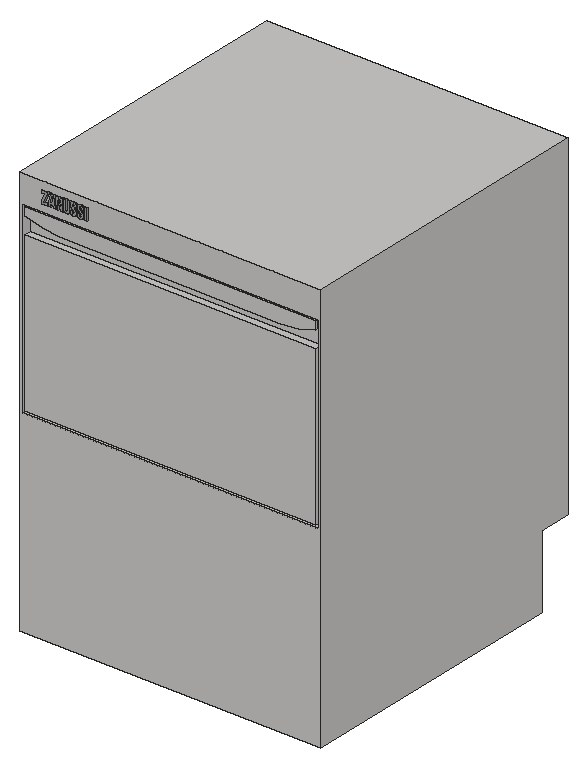
Revit family "QF_ZANUSSI_502731_ZLAI3WG", category Specialty Equipment, Revit 2018
Family settings
  Round Connector Dimension = Use Diameter
  Part Type = Normal
  Work Plane-Based = No
  Always vertical = Yes
  Cut with Voids When Loaded = No
  Shared = No
  Room Calculation Point = No
Parameters (values of type "Standard")
  Weight = 71.00 kg
  Watts = 0 W
  Volts = 400 V
  URL Manufacturer = "http://www.zanussiprofessional.com"
  URL = "http://www.zanussiprofessional.com"
  Steam Supply Size = 0 mm
  Steam Supply Minimum Pressure = 0.0 Pa
  Steam Supply Maximum Pressure = 0.0 Pa
  Steam Pounds per Hour = 0
  Show Logo [instance] = yes
  Show Clearance [instance] = yes
  Refrigeration Suction Line Size = 0 mm
  Refrigeration Liquid Line Size = 0 mm
  Refrigerant Compressor Remote = yes
  Manufacturer = "Zanussi"
  Phase = 3
  Model = "ZLAI3WG"
  Length Actual = 600 mm  # constant formula
  Item Number = "502731"
  Hot Water Size = 19.05 mm
  Height Actual = 820 mm  # constant formula
  HP = "7.2 HP"
  Gas Size = 0 mm
  Gas KW = 0
  Gas Input Pressure = 0 W
  Direct Waste Size = 20.5 mm
  Description = "UNDERCOUNTER(L), ACTIVE, DOUBLE SKIN, 3PH, WS, DP, DD, 720D/H"
  Depth Actual = 615 mm  # constant formula
  Cycle = 50 Hz
  Condensate Return Size = 0 mm
  Compressed Air Volume = 0.0 L/s
  Compressed Air Size = 0 mm
  Compressed Air Pressure = 0.0 Pa
  Cold Water Size = 0 mm
  Accessory = yes
Reference planes
  plane 1 "Center (Front/Back)": y = 0
  plane 2: z = 0
  plane 3 "Center (Left/Right)": x = 0
  plane 4 "LEFT": x = -300
  plane 5 "RIGHT": x = 300
  plane 6 "FRONT": y = -307.5
  plane 7 "BACK": y = 307.5
  plane 8: x = -202.5
  plane 9: x = 202.5
  plane 10: z = 830
  plane 11: z = 10
  plane 12: y = -679.5
Forms (mm)
  Extrusion 1, solid, material "QF_Finishes_Stainless Steel"
    sketch origin (0, 0, 0) x (1, 0, 0) y (0, 1, 0)
      loop
        line (-300, -307.5) -> (300, -307.5) -> (300, 243.5) -> (-300, 243.5) -> (-300, -307.5)
    from 10 to 830
  Extrusion 2, solid, material "QF_Finishes_Stainless Steel"
    sketch origin (0, 0, 0) x (1, 0, 0) y (0, 1, 0)
      loop
        line (-300, 243.5) -> (300, 243.5) -> (300, 307.5) -> (-300, 307.5) -> (-300, 243.5)
    from 157.434 to 830
  Extrusion 3, void
    sketch origin (-300, -307.5, 0) x (-1, 0, 0) y (0, 0, 1)
      loop
        line (-5, 773.217) -> (-595, 773.217) -> (-595, 401.217) -> (-5, 401.217) -> (-5, 773.217)
    from 0 to 30
  Extrusion 4, solid, material "QF_Finishes_Stainless Steel"
    sketch origin (-274, -392, 733) x (0, 0, -1) y (1, 0, 0)
      loop
        circle (693, 143) r 10
    from -635.5 to -699.5
  Extrusion 5, solid, material "QF_Door-Drawer Clearances", visible <- "Show Clearance", detail levels coarse
    sketch origin (-230, -282.5, -30) x (0, 1, 0) y (0, 0, -1)
      loop
        line (-25, -431.217) -> (-397, -431.217)
        arc (-397, -431.217) -> (-288.044, -694.261) -> (-25, -803.217) r 372
        line (-25, -803.217) -> (-25, -431.217)
    from 59.655 to -520
  Extrusion 6, solid, material "QF_Finishes_Stainless Steel"
    sketch origin (-331.481, -392, 703) x (0, 0, -1) y (1, 0, 0)
      loop
        circle (663, 252.481) r 8
    from -635.5 to -699.5
  Extrusion 7, solid, material "QF_Finishes_Stainless Steel"
    sketch origin (-230, -282.5, 0) x (0, 1, 0) y (0, 0, -1)
      loop
        line (-25, -406.25) -> (-25, -720) -> (-10, -720) -> (-10, -770) -> (0, -770) -> (0, -406.25) -> (-25, -406.25)
    from 59.655 to -520
  Extrusion 8, solid, material "QF_Finishes_Stainless Steel"
    sketch origin (-230, -282.5, 0) x (0, 1, 0) y (0, 0, -1)
      loop
        line (-10, -770) -> (-10, -767.514) -> (-22.5, -767.514) -> (-22.5, -741.25) -> (-25, -741.25) -> (-25, -770) -> (-10, -770)
    from 59.655 to -520
  Extrusion 9, void
    sketch origin (-230, -307.5, 770) x (0, 0, 1) y (1, 0, 0)
      loop
        line (-28.75, 10.266) -> (-28.75, -59.655) -> (-15.552, -59.655)
        arc (-15.552, -59.655) -> (-25.346, -25.298) -> (-28.75, 10.266) r 196.283
      loop
        arc (-28.75, 450.08) -> (-25.346, 485.643) -> (-15.552, 520) r 196.283
        line (-15.552, 520) -> (-28.75, 520) -> (-28.75, 450.08)
    from 0 to 2.5
  Extrusion 10, solid, material "QF_Finishes_Stainless Steel"
    sketch origin (-301, 938.5, 792.934) x (0, -1, 0) y (1, 0, 0)
      loop
        circle (663, 158) r 8
    from -635.5 to -645.5
  Extrusion 11, solid, material "QF_Finishes_Stainless Steel"
    sketch origin (0, 17.5, 0) x (1, 0, 0) y (0, 1, 0)
      loop
        circle (-254, -255) r 12.5
      loop
        circle (254, -255) r 12.5
      loop
        circle (-254, 176) r 12.5
      loop
        circle (254, 176) r 12.5
    from 0 to 10
Cuts and joins
  Extrusion 3 cuts Extrusion 1
  joined: Extrusion 1, Extrusion 2
  Extrusion 9 cuts Extrusion 7
  Extrusion 9 cuts Extrusion 8
Lines and regions (mm)
  Split face 1
    outline origin (-280, -307.5, 830) x (0, 0, -1) y (1, 0, 0)
      loop
        line (19.683, 178.044) -> (39.683, 178.044) -> (39.683, 218.044) -> (19.683, 218.044) -> (19.683, 178.044)
  Split face 2
    outline origin (-300, -307.5, 830) x (0, 0, -1) y (1, 0, 0)
      loop
        line (0, 60) -> (8.971, 363.359)
        arc (8.971, 363.359) -> (10.385, 376.81) -> (13.197, 390.04) r 129.217
        line (13.197, 390.04) -> (16.45, 402.178)
        arc (16.45, 402.178) -> (21.39, 439.707) -> (16.45, 477.235) r 145
        line (16.45, 477.235) -> (12.733, 491.107)
        arc (12.733, 491.107) -> (7.775, 516.22) -> (4.504, 541.608) r 383.339
        line (4.504, 541.608) -> (0, 579.217)
      loop
        line (56.783, 109.273) -> (50.394, 371.184)
        arc (50.394, 371.184) -> (48.98, 384.635) -> (46.168, 397.865) r 129.217
        line (46.168, 397.865) -> (42.916, 410.003)
        arc (42.916, 410.003) -> (37.975, 447.532) -> (42.916, 485.06) r 145
        line (42.916, 485.06) -> (46.633, 498.932)
        arc (46.633, 498.932) -> (51.508, 520.123) -> (54.862, 541.608) r 305
        line (54.862, 541.608) -> (56.783, 557.653)
  Split face 3
    outline origin (-300, -307.5, 830) x (0, 0, -1) y (1, 0, 0)
      loop
        line (0.533, 600) -> (7.482, 541.965)
        arc (7.482, 541.965) -> (10.72, 516.79) -> (15.63, 491.887) r 380.339
        line (15.63, 491.887) -> (19.347, 478.015)
        arc (19.347, 478.015) -> (24.39, 439.71) -> (19.347, 401.405) r 148
        line (19.347, 401.405) -> (16.095, 389.267)
        arc (16.095, 389.267) -> (13.348, 376.344) -> (11.967, 363.205) r 126.217
        line (11.967, 363.205) -> (0, 2.678)
      loop
        line (56.783, 582.884) -> (51.883, 541.965)
        arc (51.883, 541.965) -> (48.562, 520.691) -> (43.735, 499.709) r 302
        line (43.735, 499.709) -> (40.018, 485.837)
        arc (40.018, 485.837) -> (34.975, 447.532) -> (40.018, 409.226) r 148
        line (40.018, 409.226) -> (43.27, 397.089)
        arc (43.27, 397.089) -> (46.017, 384.166) -> (47.398, 371.027) r 126.217
        line (47.398, 371.027) -> (56.783, 51.951)
  Split face 4
    outline origin (-300, -307.5, 830) x (0, 0, -1) y (1, 0, 0)
      loop
        line (56.783, 5) -> (56.783, 0)
      loop
        line (56.783, 595) -> (56.783, 600)
  symbolic lines
    curve 1: line (-300, 307.5, 0) -> (300, 307.5, 0)
    curve 2: line (-300, -307.5, 0) -> (-300, 307.5, 0)
    curve 3: line (300, -307.5, 0) -> (-300, -307.5, 0)
    curve 4: line (300, 307.5, 0) -> (300, -307.5, 0)
  symbolic lines, style "QF_Door-Drawer Clearances"
    curve 5: line (-290, -679.5, 0) -> (290, -679.5, 0)
    curve 6: line (290, -679.5, 0) -> (290, -307.5, 0)
    curve 7: line (-290, -679.5, 0) -> (-290, -307.5, 0)
  symbolic lines, style "SpecialityEquipmentHiddenLines"
    curve 8: line (-300, 243.5, 0) -> (300, 243.5, 0)
Dimensions and locks
  equal spacing: plane 4 "LEFT", plane 3 "Center (Left/Right)", plane 5 "RIGHT"
  equal spacing: plane 7 "BACK", plane 1 "Center (Front/Back)", plane 6 "FRONT"
  plane 7 "BACK" to plane 6 "FRONT" = 615 mm
  plane 4 "LEFT" to plane 5 "RIGHT" = 600 mm
  plane 4 "LEFT" to plane 8 = 97.5 mm
  plane 9 to plane 5 "RIGHT" = 97.5 mm
  plane 11 to level = 10 mm
  plane 4 "LEFT" to plane 3 "Center (Left/Right)" = 300 mm
  plane 10 to level = 830 mm  (x2)
  plane 8 to plane 9 = 405 mm
  Extrusion 10 sketch curve to plane 4 "LEFT" = 157 mm
  level to Extrusion 4 sketch curve = 40 mm
  Extrusion 4 sketch curve to plane 4 "LEFT" = 169 mm
  Extrusion 6 sketch curve to plane 4 "LEFT" = 221 mm
  level to Extrusion 6 sketch curve = 40 mm
  plane 9 to plane 8 = 405 mm
  plane 7 "BACK" to curve 5 = 987 mm
  cut or joined group of Extrusion 7, Extrusion 9 to cut or joined group of Extrusion 1, Extrusion 2, Extrusion 3 = 318.783 mm
  plane 10 to plane 11 = 820 mm
  cut or joined group of Extrusion 8, Extrusion 9 to Extrusion 5 = 368.783 mm
  plane 7 "BACK" to plane 12 = 987 mm
  aligned and locked: level to plane 2
  aligned and locked: Extrusion 1 sketch curve to plane 6 "FRONT"
  aligned and locked: Extrusion 1 sketch curve to plane 4 "LEFT"
  aligned and locked: plane 5 "RIGHT" to Extrusion 1 sketch curve
  aligned and locked: Extrusion 1 to plane 11
  aligned and locked: Extrusion 2 sketch curve to Extrusion 1  (x2)
  aligned and locked: plane 7 "BACK" to Extrusion 2 sketch curve
  aligned and locked: plane 5 "RIGHT" to Extrusion 2 sketch curve
  aligned and locked: Extrusion 2 to Extrusion 4
  aligned and locked: Extrusion 2 to Extrusion 6
  aligned and locked: plane 7 "BACK" to Extrusion 6
  aligned and locked: plane 7 "BACK" to Extrusion 4
  aligned and locked: cut or joined group of Extrusion 8, Extrusion 9 to Extrusion 9
  aligned and locked: plane 10 to Extrusion 2
Automatic sketch dimensions
  Extrusion 1 sketch curve to plane 7 "BACK" = 64 mm
  Extrusion 3 sketch curve to Extrusion 1 = 5 mm  (x2)
  Extrusion 3 sketch curve to Extrusion 1 = 428.783 mm
  Extrusion 3 sketch curve to Extrusion 1 = 56.783 mm
  Extrusion 7 sketch curve to plane 6 "FRONT" = 0 mm
  plane 6 "FRONT" to Extrusion 7 sketch curve = 15 mm
  Extrusion 7 sketch curve to Extrusion 7 sketch curve = 25 mm
  Extrusion 7 sketch curve to plane 10 = 60 mm
  Extrusion 7 sketch curve to Extrusion 7 sketch curve = 50 mm
  Extrusion 7 sketch curve to Extrusion 7 sketch curve = 313.75 mm
  Extrusion 8 sketch curve to plane 6 "FRONT" = 0 mm
  Extrusion 8 sketch curve to Extrusion 8 sketch curve = 2.5 mm
  Extrusion 8 sketch curve to Extrusion 8 sketch curve = 12.5 mm
  Extrusion 8 sketch curve to plane 10 = 60 mm
  Extrusion 8 sketch curve to Extrusion 8 sketch curve = 2.486 mm
  Extrusion 8 sketch curve to Extrusion 8 sketch curve = 26.264 mm
  Extrusion 9 sketch curve to Extrusion 8 = 0 mm  (x3)
  Extrusion 8 to Extrusion 9 sketch curve = 0 mm
  Extrusion 9 sketch curve to Extrusion 8 = 13.198 mm  (x2)
  Extrusion 9 sketch curve to Extrusion 8 = 70.763 mm  (x2)
  Extrusion 9 sketch curve to Extrusion 8 = 196.281 mm  (x2)
  Split face 1 sketch curve to cut or joined group of Extrusion 1, Extrusion 2, Extrusion 3 = 19.683 mm
  cut or joined group of Extrusion 1, Extrusion 2, Extrusion 3 to Split face 1 sketch curve = 17.1 mm
  Split face 1 sketch curve to cut or joined group of Extrusion 1, Extrusion 2, Extrusion 3 = 193.044 mm
  Split face 1 sketch curve to Split face 1 sketch curve = 40 mm
  Split face 2 sketch curve to cut or joined group of Extrusion 1, Extrusion 2, Extrusion 3 = 0 mm  (x4)
  cut or joined group of Extrusion 1, Extrusion 2, Extrusion 3 to Split face 2 sketch curve = 78.646 mm
  Split face 2 sketch curve to Split face 2 sketch curve = 44.963 mm  (x2)
  Split face 2 sketch curve to cut or joined group of Extrusion 1, Extrusion 2, Extrusion 3 = 17.128 mm  (x2)
  Split face 2 sketch curve to Split face 2 sketch curve = 124.365 mm
  Split face 2 sketch curve to cut or joined group of Extrusion 1, Extrusion 2, Extrusion 3 = 4.504 mm
  Split face 2 sketch curve to cut or joined group of Extrusion 1, Extrusion 2, Extrusion 3 = 8.971 mm
  Split face 2 sketch curve to cut or joined group of Extrusion 1, Extrusion 2, Extrusion 3 = 12.733 mm
  Split face 2 sketch curve to cut or joined group of Extrusion 1, Extrusion 2, Extrusion 3 = 13.197 mm
  Split face 2 sketch curve to Split face 2 sketch curve = 3.717 mm
  Split face 2 sketch curve to Split face 2 sketch curve = 3.252 mm
  cut or joined group of Extrusion 1, Extrusion 2, Extrusion 3 to Split face 2 sketch curve = 13.867 mm  (x2)
  cut or joined group of Extrusion 1, Extrusion 2, Extrusion 3 to Split face 2 sketch curve = 10.615 mm
  cut or joined group of Extrusion 1, Extrusion 2, Extrusion 3 to Split face 2 sketch curve = 10.15 mm
  cut or joined group of Extrusion 1, Extrusion 2, Extrusion 3 to Split face 2 sketch curve = 6.389 mm
  cut or joined group of Extrusion 1, Extrusion 2, Extrusion 3 to Split face 2 sketch curve = 1.921 mm
  Split face 2 sketch curve to cut or joined group of Extrusion 1, Extrusion 2, Extrusion 3 = 81.229 mm
  Split face 2 sketch curve to cut or joined group of Extrusion 1, Extrusion 2, Extrusion 3 = 42.66 mm
  Split face 2 sketch curve to cut or joined group of Extrusion 1, Extrusion 2, Extrusion 3 = 53.392 mm
  Split face 2 sketch curve to Split face 2 sketch curve = 0 mm
  Split face 2 sketch curve to Split face 2 sketch curve = 13.872 mm  (x2)
  Split face 2 sketch curve to Split face 2 sketch curve = 37.529 mm  (x2)
  Split face 2 sketch curve to Split face 2 sketch curve = 12.138 mm  (x2)
  Split face 2 sketch curve to Split face 2 sketch curve = 26.681 mm  (x2)
  Split face 2 sketch curve to Split face 2 sketch curve = 16.045 mm
  Split face 2 sketch curve to cut or joined group of Extrusion 1, Extrusion 2, Extrusion 3 = 104.273 mm
  Split face 2 sketch curve to cut or joined group of Extrusion 1, Extrusion 2, Extrusion 3 = 55 mm
  Split face 2 sketch curve to cut or joined group of Extrusion 1, Extrusion 2, Extrusion 3 = 15.783 mm
  Split face 3 sketch curve to cut or joined group of Extrusion 1, Extrusion 2, Extrusion 3 = 0 mm  (x4)
  cut or joined group of Extrusion 1, Extrusion 2, Extrusion 3 to Split face 3 sketch curve = 78.646 mm
  Split face 3 sketch curve to Split face 3 sketch curve = 44.963 mm  (x2)
  Split face 3 sketch curve to cut or joined group of Extrusion 1, Extrusion 2, Extrusion 3 = 17.128 mm  (x2)
  Split face 3 sketch curve to Split face 3 sketch curve = 124.365 mm
  Split face 3 sketch curve to cut or joined group of Extrusion 1, Extrusion 2, Extrusion 3 = 7.482 mm
  Split face 3 sketch curve to cut or joined group of Extrusion 1, Extrusion 2, Extrusion 3 = 11.967 mm
  Split face 3 sketch curve to cut or joined group of Extrusion 1, Extrusion 2, Extrusion 3 = 15.63 mm
  Split face 3 sketch curve to cut or joined group of Extrusion 1, Extrusion 2, Extrusion 3 = 16.095 mm
  Split face 3 sketch curve to Split face 3 sketch curve = 3.252 mm  (x2)
  Split face 3 sketch curve to Split face 3 sketch curve = 3.717 mm
  cut or joined group of Extrusion 1, Extrusion 2, Extrusion 3 to Split face 3 sketch curve = 16.765 mm  (x2)
  cut or joined group of Extrusion 1, Extrusion 2, Extrusion 3 to Split face 3 sketch curve = 13.048 mm
  cut or joined group of Extrusion 1, Extrusion 2, Extrusion 3 to Split face 3 sketch curve = 9.385 mm
  cut or joined group of Extrusion 1, Extrusion 2, Extrusion 3 to Split face 3 sketch curve = 4.9 mm
  Split face 3 sketch curve to cut or joined group of Extrusion 1, Extrusion 2, Extrusion 3 = 81.229 mm
  Split face 3 sketch curve to cut or joined group of Extrusion 1, Extrusion 2, Extrusion 3 = 42.66 mm
  Split face 3 sketch curve to cut or joined group of Extrusion 1, Extrusion 2, Extrusion 3 = 53.035 mm
  Split face 3 sketch curve to Split face 3 sketch curve = 0 mm
  Split face 3 sketch curve to Split face 3 sketch curve = 13.872 mm  (x2)
  Split face 3 sketch curve to Split face 3 sketch curve = 38.305 mm  (x2)
  Split face 3 sketch curve to Split face 3 sketch curve = 12.138 mm  (x2)
  Split face 3 sketch curve to Split face 3 sketch curve = 26.062 mm  (x2)
  Split face 3 sketch curve to cut or joined group of Extrusion 1, Extrusion 2, Extrusion 3 = 0.533 mm
  Split face 3 sketch curve to cut or joined group of Extrusion 1, Extrusion 2, Extrusion 3 = 46.951 mm
  cut or joined group of Extrusion 1, Extrusion 2, Extrusion 3 to Split face 3 sketch curve = 2.322 mm
  Split face 3 sketch curve to cut or joined group of Extrusion 1, Extrusion 2, Extrusion 3 = 12.116 mm
  cut or joined group of Extrusion 1, Extrusion 2, Extrusion 3 to Split face 4 sketch curve = 0 mm
  Split face 4 sketch curve to cut or joined group of Extrusion 1, Extrusion 2, Extrusion 3 = 0 mm  (x5)
  plane 4 "LEFT" to Extrusion 11 sketch curve = 46 mm  (x2)
  Extrusion 11 sketch curve to plane 5 "RIGHT" = 46 mm  (x2)
  plane 6 "FRONT" to Extrusion 11 sketch curve = 70 mm  (x2)
  Extrusion 11 sketch curve to plane 7 "BACK" = 114 mm  (x2)
  curve 8 to plane 4 "LEFT" = 0 mm
  curve 7 to plane 6 "FRONT" = 0 mm
  curve 4 to plane 5 "RIGHT" = 0 mm
  curve 2 to plane 7 "BACK" = 0 mm
  plane 4 "LEFT" to curve 7 = 10 mm
  curve 5 to plane 5 "RIGHT" = 10 mm
  curve 8 to plane 7 "BACK" = 64 mm
  Extrusion 5 sketch curve to plane 12 = 0 mm
  Extrusion 5 sketch curve to plane 6 "FRONT" = 0 mm
  plane 11 to Extrusion 5 sketch curve = 391.217 mm
  Extrusion 10 sketch curve to plane 7 "BACK" = 32 mm
  radius of Extrusion 4 sketch curve = 10 mm
  radius of Extrusion 6 sketch curve = 8 mm
  radius of Extrusion 10 sketch curve = 8 mm
  radius of Extrusion 11 sketch curve = 12.5 mm  (x4)
Nested families
  nested 1: "ZAN_Logo_S_Grey" at (-210.606, -307.5, 801.116) x (1, 0, 0) z (0, -1, 0), type "ZAN_Logo_S_Grey"
Connectors
  piping at (-131, 307.5, 40), diameter 20
    settings: on Extrusion 4, index 1, connector inside diameter 609.6 mm, connector length 0 mm, flow factor 0, pipe flow 0.0 L/s, pressure drop 0.0 Pa, fitting loss kfactor 0, connector angle 0.00°, fixture units 0, engagement length 0 mm, angle of deflection 0.00°, flow configuration 1, flow direction 1, fitting loss method 0, system type 16, joint type 0, gender type 0, connector reference index -1, connector utility 0, adjustable connector no, is connector primary yes, connector description "Drain"
  piping at (-79, 307.5, 40), diameter 19.05, driven by "Hot Water Size"
    settings: on Extrusion 6, index 3, connector inside diameter 609.6 mm, connector length 0 mm, flow factor 0, pipe flow 0.0 L/s, pressure drop 0.0 Pa, fitting loss kfactor 0, connector angle 0.00°, fixture units 0, engagement length 0 mm, angle of deflection 0.00°, flow configuration 1, flow direction 1, fitting loss method 0, system type 19, joint type 0, gender type 0, connector reference index -1, connector utility 0, adjustable connector no, is connector primary no, connector description "Hot Water Inlet"
  electrical at (-143, 275.5, 147.434), driven by "Volts"
    settings: on Extrusion 10, index 4, voltage 400 V, apparent load 0 VA, apparent load phase1 0 VA, apparent load phase2 0 VA, apparent load phase3 0 VA, power factor 1, load classification "Altro", number of poles 1, system type 31, power factor state 1, is connector primary yes, connector utility no, sub classification motor no, connector description "Electrical Connection"
Definition of nested family "ZAN_Logo_S_Grey"
  Parameters (values of type "ZAN_Logo_S_Grey")
    Default Elevation = 0 mm
  Reference planes
    plane 1 "Centro (Fronte/Retro)": y = 0
    plane 2: z = 0
    plane 3 "Centro (Sinistra/Destra)": x = 0
  Forms (mm)
    Extrusion 1, solid
      sketch origin (0, 0, 0) x (1, 0, 0) y (0, 1, 0)
        loop
          line (-1219.2, 1219.2) -> (-1219.2, -1219.2) -> (1219.2, -1219.2) -> (1219.2, 1219.2) -> (-1219.2, 1219.2)
      from 0 to -304.8
    Extrusion 2, solid
      sketch origin (17.793, -46.218, 0) x (-1, 0, 0) y (0, -1, 0)
        loop
          spline (-4.176, -58.079) -> (-3.496, -58.328) -> (-2.793, -58.512) -> (-2.075, -58.63) -> (-1.348, -58.682) -> (-0.619, -58.669) -> (0.106, -58.588) -> (0.818, -58.44) -> (1.512, -58.225) -> (2.18, -57.941) -> (2.817, -57.589) -> (3.414, -57.167) -> (3.966, -56.676)
          spline (3.966, -56.676) -> (4.293, -56.162) -> (4.575, -55.61) -> (4.81, -55.026) -> (5, -54.419) -> (5.146, -53.797) -> (5.247, -53.166) -> (5.304, -52.536) -> (5.318, -51.913) -> (5.288, -51.306) -> (5.217, -50.723) -> (5.103, -50.17) -> (4.949, -49.657)
          line (4.949, -49.657) -> (2.702, -46.428) -> (0.316, -44.323)
          spline (0.316, -44.323) -> (0.065, -44.115) -> (-0.195, -43.909) -> (-0.46, -43.704) -> (-0.729, -43.496) -> (-0.997, -43.282) -> (-1.263, -43.059) -> (-1.523, -42.825) -> (-1.774, -42.576) -> (-2.013, -42.309) -> (-2.238, -42.022) -> (-2.445, -41.712) -> (-2.632, -41.375)
          spline (-2.632, -41.375) -> (-2.666, -41.159) -> (-2.697, -40.934) -> (-2.722, -40.701) -> (-2.736, -40.465) -> (-2.736, -40.227) -> (-2.72, -39.989) -> (-2.682, -39.754) -> (-2.621, -39.524) -> (-2.533, -39.302) -> (-2.414, -39.091) -> (-2.261, -38.892) -> (-2.07, -38.708)
          line (-2.07, -38.708) -> (-0.245, -38.567)
          spline (-0.245, -38.567) -> (0.096, -38.8) -> (0.354, -39.074) -> (0.54, -39.381) -> (0.664, -39.716) -> (0.738, -40.073) -> (0.772, -40.445) -> (0.777, -40.825) -> (0.763, -41.208) -> (0.742, -41.588) -> (0.723, -41.957) -> (0.718, -42.309) -> (0.737, -42.638)
          line (0.737, -42.638) -> (5.65, -42.638)
          spline (5.65, -42.638) -> (5.708, -42.042) -> (5.741, -41.448) -> (5.747, -40.857) -> (5.723, -40.273) -> (5.668, -39.696) -> (5.58, -39.129) -> (5.457, -38.574) -> (5.297, -38.032) -> (5.098, -37.506) -> (4.857, -36.997) -> (4.574, -36.508) -> (4.247, -36.041)
          spline (4.247, -36.041) -> (3.844, -35.675) -> (3.409, -35.35) -> (2.946, -35.065) -> (2.458, -34.819) -> (1.949, -34.612) -> (1.421, -34.444) -> (0.88, -34.314) -> (0.326, -34.221) -> (-0.234, -34.165) -> (-0.8, -34.146) -> (-1.366, -34.163) -> (-1.93, -34.216)
          spline (-1.93, -34.216) -> (-2.526, -34.309) -> (-3.116, -34.448) -> (-3.695, -34.633) -> (-4.259, -34.861) -> (-4.801, -35.131) -> (-5.316, -35.444) -> (-5.799, -35.798) -> (-6.245, -36.191) -> (-6.648, -36.624) -> (-7.002, -37.095) -> (-7.303, -37.603) -> (-7.545, -38.146)
          spline (-7.545, -38.146) -> (-7.694, -38.815) -> (-7.792, -39.487) -> (-7.839, -40.158) -> (-7.836, -40.824) -> (-7.785, -41.482) -> (-7.685, -42.129) -> (-7.539, -42.762) -> (-7.347, -43.377) -> (-7.111, -43.97) -> (-6.83, -44.538) -> (-6.506, -45.078) -> (-6.141, -45.586)
          line (-6.141, -45.586) -> (-0.526, -50.64) -> (0.176, -51.482)
          spline (0.176, -51.482) -> (0.248, -51.66) -> (0.323, -51.843) -> (0.397, -52.03) -> (0.467, -52.22) -> (0.529, -52.412) -> (0.579, -52.605) -> (0.615, -52.798) -> (0.633, -52.989) -> (0.63, -53.179) -> (0.601, -53.366) -> (0.545, -53.55) -> (0.456, -53.728)
          spline (0.456, -53.728) -> (0.375, -53.892) -> (0.273, -54.034) -> (0.154, -54.155) -> (0.02, -54.258) -> (-0.126, -54.343) -> (-0.28, -54.412) -> (-0.441, -54.466) -> (-0.604, -54.508) -> (-0.767, -54.537) -> (-0.928, -54.556) -> (-1.082, -54.567) -> (-1.228, -54.57)
          line (-1.228, -54.57) -> (-2.632, -53.587) -> (-2.772, -50.64) -> (-7.405, -50.64)
          spline (-7.405, -50.64) -> (-7.41, -51.031) -> (-7.423, -51.432) -> (-7.44, -51.839) -> (-7.456, -52.251) -> (-7.469, -52.665) -> (-7.475, -53.079) -> (-7.468, -53.489) -> (-7.446, -53.894) -> (-7.404, -54.291) -> (-7.339, -54.679) -> (-7.247, -55.053) -> (-7.123, -55.412)
          spline (-7.123, -55.412) -> (-6.999, -55.693) -> (-6.837, -55.97) -> (-6.643, -56.244) -> (-6.422, -56.509) -> (-6.177, -56.765) -> (-5.913, -57.009) -> (-5.634, -57.238) -> (-5.346, -57.45) -> (-5.051, -57.643) -> (-4.755, -57.814) -> (-4.462, -57.96) -> (-4.176, -58.079)
        loop
          spline (-21.021, -55.552) -> (-20.633, -56.181) -> (-20.177, -56.736) -> (-19.661, -57.217) -> (-19.092, -57.627) -> (-18.478, -57.966) -> (-17.827, -58.237) -> (-17.147, -58.441) -> (-16.446, -58.578) -> (-15.73, -58.652) -> (-15.009, -58.662) -> (-14.29, -58.611) -> (-13.581, -58.5)
          spline (-13.581, -58.5) -> (-13.088, -58.407) -> (-12.595, -58.269) -> (-12.109, -58.088) -> (-11.636, -57.866) -> (-11.183, -57.605) -> (-10.756, -57.307) -> (-10.361, -56.974) -> (-10.004, -56.608) -> (-9.692, -56.211) -> (-9.431, -55.784) -> (-9.228, -55.33) -> (-9.089, -54.851)
          spline (-9.089, -54.851) -> (-8.873, -54.211) -> (-8.715, -53.559) -> (-8.615, -52.901) -> (-8.574, -52.241) -> (-8.592, -51.585) -> (-8.668, -50.938) -> (-8.802, -50.306) -> (-8.995, -49.693) -> (-9.247, -49.106) -> (-9.557, -48.55) -> (-9.925, -48.03) -> (-10.352, -47.551)
          line (-10.352, -47.551) -> (-15.546, -42.919) -> (-16.669, -41.234)
          spline (-16.669, -41.234) -> (-16.704, -41.021) -> (-16.735, -40.804) -> (-16.761, -40.583) -> (-16.778, -40.361) -> (-16.784, -40.139) -> (-16.774, -39.919) -> (-16.748, -39.701) -> (-16.7, -39.488) -> (-16.63, -39.28) -> (-16.533, -39.08) -> (-16.406, -38.889) -> (-16.248, -38.708)
          line (-16.248, -38.708) -> (-14.844, -38.427)
          spline (-14.844, -38.427) -> (-14.347, -38.545) -> (-13.969, -38.749) -> (-13.695, -39.028) -> (-13.508, -39.368) -> (-13.393, -39.757) -> (-13.335, -40.182) -> (-13.318, -40.63) -> (-13.326, -41.089) -> (-13.344, -41.546) -> (-13.356, -41.988) -> (-13.347, -42.403) -> (-13.3, -42.779)
          line (-13.3, -42.779) -> (-8.387, -42.638)
          spline (-8.387, -42.638) -> (-8.326, -42.034) -> (-8.288, -41.417) -> (-8.277, -40.794) -> (-8.299, -40.169) -> (-8.357, -39.548) -> (-8.457, -38.936) -> (-8.604, -38.339) -> (-8.803, -37.762) -> (-9.058, -37.21) -> (-9.375, -36.689) -> (-9.758, -36.204) -> (-10.212, -35.76)
          spline (-10.212, -35.76) -> (-10.793, -35.336) -> (-11.409, -34.976) -> (-12.054, -34.679) -> (-12.723, -34.445) -> (-13.409, -34.273) -> (-14.107, -34.163) -> (-14.811, -34.115) -> (-15.515, -34.127) -> (-16.213, -34.2) -> (-16.899, -34.333) -> (-17.568, -34.526) -> (-18.213, -34.777)
          spline (-18.213, -34.777) -> (-18.496, -34.897) -> (-18.783, -35.044) -> (-19.071, -35.216) -> (-19.357, -35.412) -> (-19.639, -35.629) -> (-19.915, -35.865) -> (-20.182, -36.119) -> (-20.438, -36.389) -> (-20.681, -36.672) -> (-20.907, -36.967) -> (-21.115, -37.272) -> (-21.301, -37.585)
          spline (-21.301, -37.585) -> (-21.55, -38.26) -> (-21.734, -38.948) -> (-21.854, -39.647) -> (-21.91, -40.351) -> (-21.901, -41.057) -> (-21.828, -41.761) -> (-21.69, -42.459) -> (-21.489, -43.148) -> (-21.222, -43.823) -> (-20.892, -44.48) -> (-20.497, -45.116) -> (-20.038, -45.726)
          line (-20.038, -45.726) -> (-14.142, -51.061) -> (-13.44, -52.886) -> (-14.002, -54.289) -> (-15.265, -54.57) -> (-16.669, -53.587) -> (-16.81, -50.78) -> (-21.582, -50.64)
          spline (-21.582, -50.64) -> (-21.558, -51.063) -> (-21.55, -51.491) -> (-21.554, -51.92) -> (-21.561, -52.35) -> (-21.567, -52.778) -> (-21.565, -53.201) -> (-21.547, -53.619) -> (-21.509, -54.029) -> (-21.444, -54.43) -> (-21.345, -54.818) -> (-21.206, -55.193) -> (-21.021, -55.552)
        loop
          line (-22.424, -34.216) -> (-27.337, -34.216) -> (-27.337, -58.22) -> (-22.424, -58.22) -> (-22.424, -34.216)
        loop
          line (14.213, -39.971) -> (14.213, -58.22) -> (19.126, -58.22) -> (19.126, -42.077) -> (18.845, -38.146) -> (18.424, -37.164) -> (17.442, -35.9) -> (16.459, -35.199) -> (14.494, -34.356) -> (13.511, -34.216) -> (11.265, -34.216) -> (10.142, -34.497) -> (8.458, -35.479) -> (6.493, -38.287) -> (6.352, -39.269) -> (6.352, -58.22) -> (11.265, -58.22) -> (11.265, -40.392) -> (11.827, -39.129) -> (13.371, -38.988) -> (14.213, -39.971)
        loop
          line (20.249, -58.22) -> (24.741, -58.22) -> (24.741, -42.919) -> (28.812, -58.22) -> (34.006, -58.22) -> (34.006, -34.216) -> (29.654, -34.216) -> (29.654, -50.078) -> (25.583, -34.216) -> (20.249, -34.216) -> (20.249, -58.22)
        loop
          line (50.149, -58.22) -> (62.361, -58.22) -> (62.361, -53.728) -> (55.904, -53.868) -> (62.923, -39.129) -> (62.923, -34.216) -> (50.149, -34.216) -> (50.149, -39.129) -> (57.517, -39.129) -> (50.149, -54.149) -> (50.149, -58.22)
        loop
          line (38.778, -58.22) -> (45.516, -58.22) -> (49.868, -34.216) -> (44.814, -34.216) -> (44.113, -38.848) -> (40.042, -38.848) -> (39.34, -34.216) -> (34.286, -34.216) -> (38.778, -58.22)
        loop
          line (43.551, -43.2) -> (40.744, -43.2) -> (42.147, -54.117) -> (43.551, -43.2)
      from 0 to 1.644
  Dimensions and locks
    aligned and locked: plane 2 to Extrusion 1
    aligned and locked: level to Extrusion 1
